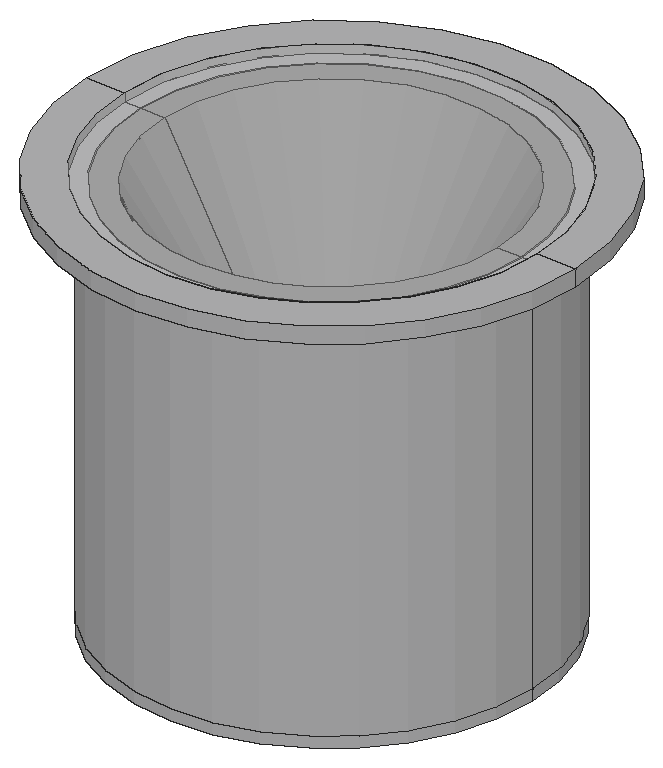
Revit family "2049514 Lighting Fixture_Sylvania_Myriad V LED_Ceiling Recessed", category Lighting Fixtures, host Face, Revit 2015
Parameters (values of type "MYRIAD SS HOUSING 3000K DIM EM")
  Weight = 1.40 kg  # constant formula
  Wattage = 5.8835 W
  built-in parameter 1150110 = 1 (stored number, unit not read)
  Voltage Comments = "UNV (Universal Voltage; 220-240 Volt)"  # constant formula
  Voltage = 240 V  # constant formula
  URL = ""
  built-in parameter 1114217 = 1 (stored number, unit not read)
  Tilt Angle = -90.00°  # constant formula
  built-in parameter 1150109 = 1 (stored number, unit not read)
  built-in parameter 1150134 = (empty or 0)
  built-in parameter 1150113 = 1 (stored number, unit not read)
  Reflector Material = Steel_Sylvania_Myrad V LED_Chrome
  Recessed Depth = Height  # 72.0 mm
  Photometric Web File = "2049514_MYRIADVLED16W3KDimmable+Emergency-91170.ies"
  Product Page URL = ""
  Product Family = "MYRIAD V LED - HOUSING ONLY"  # constant formula
  Photometry Comments = ""
  built-in parameter 1150105 = 484.89 (stored number, unit not read)
  Lumens = 303 lm
  built-in parameter 1150115 = 1 (stored number, unit not read)
  built-in parameter 1150137 = (empty or 0)
  built-in parameter 1150139 = (empty or 0)
  Life = "50 000"  # constant formula
  built-in parameter 1150112 = 1 (stored number, unit not read)
  built-in parameter 1150114 = 1 (stored number, unit not read)
  Lamp Comments = "18W Citizen Citiled neutral 4000K"
  LOR = "100%"  # constant formula
  Inner Radius = Cutout Radius - 2.0 mm  # 35.5 mm
  built-in parameter 1150132 = 2
  built-in parameter 1150102 = (empty or 0)
  built-in parameter 1150107 = 3000 (stored number, unit not read)
  built-in parameter 1150138 = (empty or 0)
  built-in parameter 1150106 = 4.8489 (stored number, unit not read)
  Emit from Circle Diameter = Diffuser Diameter  # 77.0 mm
  Emit Shape Visible in Rendering = no
  built-in parameter 1150104 = 4.7845 (stored number, unit not read)
  Dimming Lamp Color Temperature Shift = <None>
  Diffuser Diameter = Cutout Diameter + 2.0 mm  # 77.0 mm
  Cutout Radius = Cutout Diameter / 2  # 37.5 mm
  Cutout Diameter = 75.0 mm
  Color Filter = 16777215
  Body Material = Aluminum_Sylvania_Myrad V LED_Silver
  Beam Angle = 30.00°  # constant formula
  built-in parameter 1114218 = 1 (stored number, unit not read)
  built-in parameter 1150133 = 10 (stored number, unit not read)
  IP Rating = "IP20/44(with accessories)"  # constant formula
  Height = 72.0 mm
  Electrical Protection = "CLASS II"  # constant formula
  built-in parameter 1114216 [instance] = 1 (stored number, unit not read)
  Model = "2049514 MYRIAD SS HOUSING 3000K DIM EM"
  Manufacturer = "Feilo-Sylvania Group"
  Lamp = "Integrated LED"
  Diffuser Material = Polycarbonate_Sylvania_Myrad V LED_Clear
  Description = "New high output high efficiency LED downlight modules. IR/UV free light source without heat radiation. Energy efficient light source with far superior luminous flux per watt than existing Low Voltage Halogen. Long life up to 50K hours, fit and forget maintenance free lighting solution. Dimmable options including DALI as standard. IP44 & IP65 versions as standard options. New range of Architectural accessories each providing a different lit dimension. Choice of colour temperatures warm 3000K and neutral 4000K. Luminaires supplied complete with LED drivers. Emergency versions passes through cut out. New completely flush plaster up accessory ring for clean ceiling lines and smooth finish. Total circuit power I5W"  # constant formula
  Default Elevation = 0.0 mm
  built-in parameter 1140040 [instance] = 1
  Assembly Code = "D5020200"
  Apparent Load Comments = ""
  Apparent Load = 18 VA
Reference planes
  plane 1 "Center (Front/Back)": y = 0
  plane 2: z = 0
  plane 3 "Center (Left/Right)": x = 0
  plane 4 "Fixture Bottom": z = 3
  plane 5 "Diffuser": z = 1.454
  plane 6 "Fixture Top": z = -72
  plane 7 "Housing Thickness": z = -70
  plane 8 "Reflector Top": z = -33.546
Forms (mm)
  Extrusion 1, void
    sketch origin (0, 0, 58) x (-1, 0, 0) y (0, -1, 0)
      loop
        circle (0, 0) r 37.5
    from -130 to -55
  Revolve 2, solid, material "Aluminum_Sylvania_Myrad V LED_Silver" <- "Body Material", detail levels fine
    sketch origin (0, 0, 0) x (1, 0, 0) y (0, 0, 1)
      loop
        line (-45.521, 3) -> (-45.521, 0) -> (-37.5, 0) -> (-37.5, -70) -> (-35.537, -70) -> (-35.537, 1.454) -> (-38.5, 1.454) -> (-38.5, 3) -> (-45.521, 3)
      axis (0, 3) -> (0, -70)
    angle from 0 to 360
  Extrusion 3, solid, material "Aluminum_Sylvania_Myrad V LED_Silver" <- "Body Material", detail levels fine
    sketch origin (0, 0, 58) x (-1, 0, 0) y (0, -1, 0)
      loop
        circle (0, 0) r 37.5
    from -130 to -128
  Revolve 4, solid, material "Steel_Sylvania_Myrad V LED_Chrome" <- "Reflector Material", detail levels fine
    sketch origin (0, 0, 0) x (1, 0, 0) y (0, 0, 1)
      loop
        line (-35.5, -33.546) -> (0, -33.546) -> (0, -31.083) -> (-12.169, -31.083) -> (-31, 1.454) -> (-35.5, 1.454) -> (-35.5, -33.546)
      axis (0, 1.454) -> (0, -33.546)
    angle from 0 to 360
  Extrusion 5, solid, material "Polycarbonate_Sylvania_Myrad V LED_Clear" <- "Diffuser Material", detail levels fine
    sketch origin (0, 0, 58) x (-1, 0, 0) y (0, -1, 0)
      loop
        circle (0, 0) r 38.5
    from -56.546 to -55
  Revolve 6, solid, material "Aluminum_Sylvania_Myrad V LED_Silver" <- "Body Material", detail levels coarse+medium
    sketch origin (0, 0, 0) x (1, 0, 0) y (0, 0, 1)
      loop
        line (-45.521, 3) -> (-45.521, 0) -> (-37.5, 0) -> (-37.5, -72) -> (0, -72) -> (0, 3) -> (-45.521, 3)
      axis (0, 3) -> (0, -72)
    angle from 0 to 360
Cuts and joins
  joined: Revolve 2, Extrusion 3
Dimensions and locks
  locked: plane 4 "Fixture Bottom" to plane 2 at 3
  locked: plane 5 "Diffuser" to plane 2 at 1.454
  "Height": plane 2 to plane 6 "Fixture Top"
  plane 7 "Housing Thickness" to plane 6 "Fixture Top" = 2.0 mm
  "Cutout Radius": plane 3 "Center (Left/Right)" to Revolve 2 sketch curve
  locked: Revolve 2 sketch curve to Revolve 2 sketch curve at 1.963
  locked: Revolve 2 sketch curve to Revolve 2 sketch curve at 8.021
  locked: Revolve 4 sketch curve to Revolve 4 sketch curve at 2.463
  locked: Revolve 2 sketch curve to Revolve 2 sketch curve at 1
  "Inner Radius": plane 3 "Center (Left/Right)" to Revolve 4 sketch curve
  locked: Revolve 4 sketch curve to Revolve 4 sketch curve at 4.5
  locked: Revolve 4 sketch curve to Revolve 4 sketch curve at 23.331
  locked: plane 5 "Diffuser" to plane 8 "Reflector Top" at 35
  locked: Revolve 6 sketch curve to Revolve 6 sketch curve at 8.021
  "Cutout Radius": Revolve 6 sketch curve to imposter light
  "Cutout Diameter": diameter of Extrusion 1 sketch curve
  "Cutout Diameter": diameter of Extrusion 3 sketch curve
  "Diffuser Diameter": diameter of Extrusion 5 sketch curve
  aligned and locked: host face to plane 2
  aligned and locked: level to host face
  aligned and locked: Revolve 2 sketch curve to plane 4 "Fixture Bottom"
  aligned and locked: Revolve 2 sketch curve to plane 5 "Diffuser"
  aligned and locked: Revolve 2 sketch curve to plane 2
  aligned and locked: Revolve 2 sketch curve to plane 3 "Center (Left/Right)"
  aligned and locked: plane 7 "Housing Thickness" to Extrusion 3
  aligned and locked: Extrusion 3 to plane 6 "Fixture Top"
  aligned and locked: Revolve 2 sketch curve to plane 7 "Housing Thickness"
  aligned and locked: Revolve 4 sketch curve to plane 5 "Diffuser"
  aligned and locked: Revolve 4 sketch curve to plane 3 "Center (Left/Right)"  (x2)
  aligned and locked: Extrusion 5 to plane 5 "Diffuser"
  aligned and locked: plane 4 "Fixture Bottom" to Extrusion 5
  aligned and locked: Revolve 4 sketch curve to plane 8 "Reflector Top"
  aligned and locked: imposter light to plane 3 "Center (Left/Right)"
  aligned and locked: imposter light to plane 4 "Fixture Bottom"
  aligned and locked: imposter light to plane 1 "Center (Front/Back)"
  aligned and locked: Revolve 6 sketch curve to plane 6 "Fixture Top"
  aligned and locked: Revolve 6 sketch curve to imposter light  (x2)
  aligned and locked: Revolve 6 sketch curve to plane 2
  aligned and locked: imposter light to Extrusion 1
  aligned and locked: Extrusion 1 to plane 6 "Fixture Top"
Automatic sketch dimensions
  host sketch curve to host sketch curve = 345.0 mm
  host sketch curve to host sketch curve = 280.0 mm
  plane 1 "Center (Front/Back)" to Extrusion 1 sketch curve = 0.0 mm
  Extrusion 1 sketch curve to plane 3 "Center (Left/Right)" = 0.0 mm
  plane 8 "Reflector Top" to Revolve 2 sketch curve = 16.453 mm
  plane 4 "Fixture Bottom" to Revolve 2 sketch curve = 14.907 mm
  plane 1 "Center (Front/Back)" to Extrusion 3 sketch curve = 0.0 mm
  Extrusion 3 sketch curve to plane 3 "Center (Left/Right)" = 0.0 mm
  plane 4 "Fixture Bottom" to Revolve 4 sketch curve = 9.307 mm
  Revolve 4 sketch curve to Revolve 4 sketch curve = 25.0 mm
  plane 1 "Center (Front/Back)" to Extrusion 5 sketch curve = 0.0 mm
  Extrusion 5 sketch curve to plane 3 "Center (Left/Right)" = 0.0 mm
  Revolve 6 sketch curve to plane 3 "Center (Left/Right)" = 0.0 mm
  plane 8 "Reflector Top" to Revolve 6 sketch curve = 16.453 mm
  Revolve 6 sketch curve to Revolve 6 sketch curve = 14.907 mm
Connectors
  electrical at (0, 0, -72), driven by "Voltage", driven by "Apparent Load"
    settings: on cut or joined group of Revolve 2, Extrusion 3, index 1, voltage 240 V, apparent load 0 VA, apparent load phase1 18 VA, apparent load phase2 0 VA, apparent load phase3 0 VA, power factor 1, load classification "Lighting", number of poles 1, system type 31, power factor state 1, is connector primary yes, connector utility no, sub classification motor no, connector description ""
